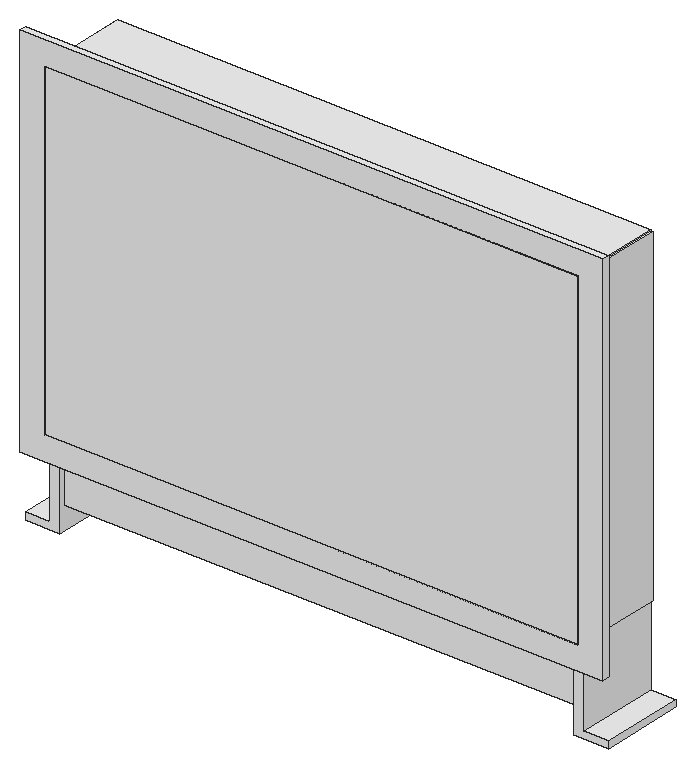
Revit family "1R553FPDB 1031IT_LOW FLOW", category Pipe Accessories, Revit 2018 (continued)
Definition of nested family "Inlet Regulator"
  Forms (mm)
    Revolve 11, solid
      sketch origin (0, -7.308, 22.393) x (0, 1, 0) y (0, 0, 1)
        loop
          line (21.577, -5.094) -> (21.577, -4.061) -> (22.318, -3.32) -> (21.605, -2.607) -> (22.332, -1.881) -> (21.605, -1.154) -> (22.318, -0.442) -> (21.605, 0.271) -> (22.318, 0.984) -> (21.605, 1.697) -> (22.318, 2.409) -> (21.605, 3.122) -> (22.318, 3.835) -> (21.605, 4.548) -> (22.318, 5.26) -> (21.605, 5.973) -> (22.318, 6.686) -> (21.591, 7.413) -> (21.591, 8.344) -> (20.654, 8.344) -> (20.654, -5.094) -> (21.577, -5.094)
        axis (7.317, 8.344) -> (7.317, -5.094)
      angle from 0 to 360
    Extrusion 12, solid
      sketch origin (0, 0.009, 99.643) x (0, 1, 0) y (-1, 0, 0)
        loop
          line (8.652, -15) -> (17.312, 0) -> (8.652, 15) -> (-8.669, 15) -> (-17.329, 0) -> (-8.669, -15) -> (8.652, -15)
        loop
          circle (-0.009, 0) r 14.53
      from -61.026 to -57.274
    Revolve 13, solid
      sketch origin (0, 0.009, 23.643) x (1, 0, 0) y (0, 0, 1)
        loop
          line (0, 14.757) -> (-14.591, 14.757)
          arc (-14.591, 14.757) -> (-14.177, 14.203) -> (-13.623, 13.789) r 2.42
          line (-13.623, 13.789) -> (-13.623, 7.845)
          arc (-13.623, 7.845) -> (-14.177, 7.43) -> (-14.591, 6.876) r 2.42
          line (-14.591, 6.876) -> (0, 6.876) -> (0, 14.757)
        axis (0, 14.757) -> (0, 6.876)
      angle from 0 to 360
    Revolve 14, solid
      sketch origin (0, 0, 0) x (1, 0, 0) y (0, 0, 1)
        loop
          line (0, 81.367) -> (0, 42.151) -> (16.5, 42.151) -> (16.5, 81.367) -> (0, 81.367)
        axis (0, 81.367) -> (0, 42.151)
      angle from 0 to 360
    Extrusion 15, solid
      sketch origin (2.094, -0.054, 23.867) x (-1, 0, 0) y (0, 0, 1)
        loop
          line (-14.869, 59.501) -> (-17.438, 59.501)
          spline (-17.438, 59.501) -> (-17.562, 59.497) -> (-17.675, 59.485) -> (-17.778, 59.464) -> (-17.87, 59.434) -> (-17.95, 59.397) -> (-18.021, 59.351) -> (-18.08, 59.297) -> (-18.128, 59.234) -> (-18.166, 59.163) -> (-18.193, 59.084) -> (-18.209, 58.996) -> (-18.215, 58.9)
          line (-18.215, 58.9) -> (-18.215, 58.097)
          spline (-18.215, 58.097) -> (-18.211, 58.002) -> (-18.199, 57.914) -> (-18.179, 57.836) -> (-18.15, 57.765) -> (-18.113, 57.703) -> (-18.067, 57.649) -> (-18.013, 57.604) -> (-17.951, 57.566) -> (-17.88, 57.537) -> (-17.801, 57.517) -> (-17.714, 57.504) -> (-17.618, 57.5)
          line (-17.618, 57.5) -> (-16.318, 57.5) -> (-14.062, 57.5) -> (-14.062, 58.708) -> (-14.869, 58.708) -> (-14.869, 59.501)
      from -1.116 to 1.224
    Extrusion 16, solid
      sketch origin (-2.196, 0, 23.867) x (1, 0, 0) y (0, 0, 1)
        loop
          line (-14.869, 59.501) -> (-17.438, 59.501)
          spline (-17.438, 59.501) -> (-17.562, 59.497) -> (-17.675, 59.485) -> (-17.778, 59.464) -> (-17.87, 59.434) -> (-17.95, 59.397) -> (-18.021, 59.351) -> (-18.08, 59.297) -> (-18.128, 59.234) -> (-18.166, 59.163) -> (-18.193, 59.084) -> (-18.209, 58.996) -> (-18.215, 58.9)
          line (-18.215, 58.9) -> (-18.215, 58.097)
          spline (-18.215, 58.097) -> (-18.211, 58.002) -> (-18.199, 57.914) -> (-18.179, 57.836) -> (-18.15, 57.765) -> (-18.113, 57.703) -> (-18.067, 57.649) -> (-18.013, 57.604) -> (-17.951, 57.566) -> (-17.88, 57.537) -> (-17.801, 57.517) -> (-17.714, 57.504) -> (-17.618, 57.5)
          line (-17.618, 57.5) -> (-16.318, 57.5) -> (-14.062, 57.5) -> (-14.062, 58.708) -> (-14.869, 58.708) -> (-14.869, 59.501)
      from -1.116 to 1.224
    Revolve 17, solid
      sketch origin (1.562, 0, -7.188) x (1, 0, 0) y (0, 0, -1)
        loop
          line (14.945, -68.947) -> (14.945, -85.784) -> (17.115, -87.955) -> (29.615, -87.955) -> (31.958, -85.612) -> (31.958, -68.947) -> (14.945, -68.947)
        axis (14.945, -68.947) -> (31.958, -68.947)
      angle from 0 to 360
  Cuts and joins
    Extrusion 4, Extrusion 5, Extrusion 6, Extrusion 7, Extrusion 8, Extrusion 9 cuts Revolve 1
  Dimensions and locks
    Revolve 2 to Revolve 11 = 114.089 mm
    equal spacing: cut or joined group of Revolve 1, Extrusion 4, Extrusion 5, Extrusion 6, Extrusion 7, Extrusion 8, Extrusion 9, plane 5, plane 4
    aligned and locked: level to plane 2
  Automatic sketch dimensions
    plane 1 "Center (Front/Back)" to Revolve 1 sketch curve = 17.048 mm
    Revolve 1 sketch curve to Revolve 1 sketch curve = 1.524 mm  (x2)
    Revolve 1 sketch curve to Revolve 1 sketch curve = 1.922 mm
    Revolve 1 sketch curve to plane 1 "Center (Front/Back)" = 0.009 mm  (x2)
    Revolve 1 sketch curve to plane 5 = 19.608 mm
    Revolve 1 sketch curve to Revolve 1 sketch curve = 9.082 mm
    Revolve 1 sketch curve to Revolve 1 sketch curve = 5.602 mm
    Revolve 1 sketch curve to Revolve 1 sketch curve = 1.247 mm
    Revolve 1 sketch curve to Revolve 1 sketch curve = 0 mm
    Revolve 1 sketch curve to Revolve 1 sketch curve = 1.386 mm
    plane 1 "Center (Front/Back)" to Revolve 2 sketch curve = 9.723 mm
    Revolve 2 sketch curve to Revolve 2 sketch curve = 0.5 mm  (x3)
    Revolve 2 sketch curve to Revolve 2 sketch curve = 0.198 mm
    Revolve 2 sketch curve to Revolve 2 sketch curve = 1.121 mm
    Revolve 2 sketch curve to Revolve 2 sketch curve = 1.35 mm
    Revolve 2 sketch curve to Revolve 2 sketch curve = 1.06 mm
    Revolve 2 sketch curve to Revolve 2 sketch curve = 0.183 mm
    plane 1 "Center (Front/Back)" to Revolve 2 sketch curve = 0.383 mm  (x2)
    Revolve 2 sketch curve to plane 5 = 34.379 mm
    Revolve 2 sketch curve to Revolve 2 sketch curve = 0.812 mm
    Revolve 2 sketch curve to Revolve 2 sketch curve = 30.709 mm
    Revolve 2 sketch curve to Revolve 2 sketch curve = 0.06 mm
    Revolve 2 sketch curve to Revolve 2 sketch curve = 2.169 mm
    Revolve 2 sketch curve to Revolve 2 sketch curve = 0.487 mm
    Revolve 2 sketch curve to Revolve 2 sketch curve = 1.061 mm
    Revolve 2 sketch curve to Revolve 2 sketch curve = 0.799 mm
    Revolve 2 sketch curve to Revolve 2 sketch curve = 1.883 mm
    Revolve 2 sketch curve to Revolve 2 sketch curve = 2.977 mm
    Extrusion 3 sketch curve to plane 3 "Center (Left/Right)" = 0 mm
    Extrusion 3 sketch curve to plane 1 "Center (Front/Back)" = 0.009 mm
    Extrusion 4 sketch curve to plane 3 "Center (Left/Right)" = 0.532 mm
    Extrusion 4 sketch curve to plane 1 "Center (Front/Back)" = 11.146 mm
    Extrusion 4 sketch curve to Extrusion 4 sketch curve = 7.245 mm
    plane 3 "Center (Left/Right)" to Extrusion 4 sketch curve = 0.506 mm
    plane 3 "Center (Left/Right)" to Extrusion 5 sketch curve = 0.532 mm
    plane 1 "Center (Front/Back)" to Extrusion 5 sketch curve = 11.129 mm
    Extrusion 5 sketch curve to Extrusion 5 sketch curve = 7.077 mm
    Extrusion 5 sketch curve to plane 3 "Center (Left/Right)" = 0.506 mm
    Extrusion 6 sketch curve to plane 1 "Center (Front/Back)" = 5.116 mm
    Extrusion 6 sketch curve to plane 3 "Center (Left/Right)" = 9.912 mm
    Extrusion 6 sketch curve to Extrusion 6 sketch curve = 7.677 mm
    Extrusion 6 sketch curve to Extrusion 6 sketch curve = 1.039 mm
    plane 1 "Center (Front/Back)" to Extrusion 7 sketch curve = 6.021 mm
    Extrusion 7 sketch curve to plane 3 "Center (Left/Right)" = 9.379 mm
    Extrusion 7 sketch curve to Extrusion 7 sketch curve = 7.486 mm
    Extrusion 7 sketch curve to Extrusion 7 sketch curve = 1.039 mm
    Extrusion 8 sketch curve to plane 1 "Center (Front/Back)" = 5.116 mm
    plane 3 "Center (Left/Right)" to Extrusion 8 sketch curve = 9.912 mm
    Extrusion 8 sketch curve to Extrusion 8 sketch curve = 6.525 mm
    Extrusion 8 sketch curve to Extrusion 8 sketch curve = 1.039 mm
    plane 1 "Center (Front/Back)" to Extrusion 9 sketch curve = 6.021 mm
    plane 3 "Center (Left/Right)" to Extrusion 9 sketch curve = 9.379 mm
    Extrusion 9 sketch curve to Extrusion 9 sketch curve = 8.734 mm
    Extrusion 9 sketch curve to Extrusion 9 sketch curve = 1.039 mm
    Extrusion 10 sketch curve to plane 3 "Center (Left/Right)" = 0 mm  (x3)
    plane 1 "Center (Front/Back)" to Extrusion 10 sketch curve = 14.425 mm
    plane 1 "Center (Front/Back)" to Extrusion 10 sketch curve = 7.208 mm  (x2)
    Extrusion 10 sketch curve to plane 1 "Center (Front/Back)" = 0.009 mm
    Extrusion 10 sketch curve to plane 1 "Center (Front/Back)" = 7.225 mm  (x2)
    Extrusion 10 sketch curve to Extrusion 10 sketch curve = 7.217 mm
    plane 3 "Center (Left/Right)" to Extrusion 10 sketch curve = 12.5 mm
    Extrusion 10 sketch curve to plane 3 "Center (Left/Right)" = 12.5 mm
    Revolve 11 sketch curve to plane 1 "Center (Front/Back)" = 13.346 mm
    Revolve 11 sketch curve to Revolve 11 sketch curve = 0.922 mm
    Revolve 11 sketch curve to Revolve 11 sketch curve = 0.937 mm
    Revolve 11 sketch curve to Revolve 11 sketch curve = 0.028 mm
    Revolve 11 sketch curve to Revolve 11 sketch curve = 0 mm  (x5)
    Revolve 11 sketch curve to Revolve 11 sketch curve = 0.014 mm
    Revolve 11 sketch curve to Revolve 11 sketch curve = 0.713 mm  (x7)
    Revolve 11 sketch curve to Revolve 11 sketch curve = 0.726 mm
    level to Revolve 11 sketch curve = 17.3 mm
    Revolve 11 sketch curve to Revolve 11 sketch curve = 1.032 mm
    Revolve 11 sketch curve to Revolve 11 sketch curve = 0.741 mm
    Revolve 11 sketch curve to Revolve 11 sketch curve = 0.931 mm
    Revolve 11 sketch curve to plane 1 "Center (Front/Back)" = 0.009 mm
    level to Revolve 11 sketch curve = 11.05 mm
    Revolve 11 sketch curve to plane 4 = 11.319 mm
    Extrusion 12 sketch curve to plane 3 "Center (Left/Right)" = 0 mm  (x3)
    plane 1 "Center (Front/Back)" to Extrusion 12 sketch curve = 0 mm
    plane 1 "Center (Front/Back)" to Extrusion 12 sketch curve = 8.66 mm  (x2)
    plane 1 "Center (Front/Back)" to Extrusion 12 sketch curve = 17.321 mm
    Extrusion 12 sketch curve to plane 1 "Center (Front/Back)" = 8.66 mm  (x2)
    Extrusion 12 sketch curve to Extrusion 12 sketch curve = 8.66 mm
    plane 3 "Center (Left/Right)" to Extrusion 12 sketch curve = 15 mm
    Extrusion 12 sketch curve to plane 3 "Center (Left/Right)" = 15 mm
    Revolve 13 sketch curve to plane 3 "Center (Left/Right)" = 0 mm  (x2)
    Revolve 13 sketch curve to plane 3 "Center (Left/Right)" = 12.466 mm
    Revolve 13 sketch curve to plane 4 = 2.594 mm
    Revolve 13 sketch curve to Revolve 13 sketch curve = 0 mm
    Revolve 13 sketch curve to Revolve 13 sketch curve = 1.157 mm
    Revolve 13 sketch curve to Revolve 13 sketch curve = 0.968 mm  (x2)
    Revolve 13 sketch curve to plane 4 = 3.751 mm
    Revolve 13 sketch curve to Revolve 13 sketch curve = 5.944 mm
    Revolve 13 sketch curve to Revolve 13 sketch curve = 7.881 mm
    Revolve 13 sketch curve to Revolve 13 sketch curve = 6.11 mm
    plane 4 to Revolve 13 sketch curve = 3.077 mm
    Revolve 14 sketch curve to plane 3 "Center (Left/Right)" = 0 mm  (x2)
    Revolve 14 sketch curve to plane 4 = 0 mm
    plane 3 "Center (Left/Right)" to Revolve 14 sketch curve = 16.5 mm
    Revolve 14 sketch curve to plane 5 = 19.608 mm
    Revolve 14 sketch curve to Revolve 14 sketch curve = 18.992 mm
    Revolve 14 sketch curve to Revolve 14 sketch curve = 22.888 mm
    plane 3 "Center (Left/Right)" to Extrusion 15 sketch curve = 20.309 mm
    Extrusion 15 sketch curve to Extrusion 15 sketch curve = 0.597 mm  (x2)
    Extrusion 15 sketch curve to Extrusion 15 sketch curve = 0.776 mm
    Extrusion 15 sketch curve to Extrusion 15 sketch curve = 1.299 mm
    Extrusion 15 sketch curve to Extrusion 15 sketch curve = 1.449 mm
    Extrusion 15 sketch curve to Extrusion 15 sketch curve = 0.807 mm
    Extrusion 15 sketch curve to plane 5 = 19.608 mm
    Extrusion 15 sketch curve to Extrusion 15 sketch curve = 1.208 mm
    Extrusion 15 sketch curve to Extrusion 15 sketch curve = 0.803 mm
    Extrusion 15 sketch curve to Extrusion 15 sketch curve = 0.601 mm
    Extrusion 16 sketch curve to plane 3 "Center (Left/Right)" = 20.411 mm
    Extrusion 16 sketch curve to Extrusion 16 sketch curve = 0.597 mm  (x2)
    Extrusion 16 sketch curve to Extrusion 16 sketch curve = 0.776 mm
    Extrusion 16 sketch curve to Extrusion 16 sketch curve = 1.299 mm
    Extrusion 16 sketch curve to Extrusion 16 sketch curve = 1.449 mm
    Extrusion 16 sketch curve to Extrusion 16 sketch curve = 0.807 mm
    Extrusion 16 sketch curve to plane 5 = 19.608 mm
    Extrusion 16 sketch curve to Extrusion 16 sketch curve = 1.208 mm
    Extrusion 16 sketch curve to Extrusion 16 sketch curve = 0.803 mm
    Extrusion 16 sketch curve to Extrusion 16 sketch curve = 0.601 mm
    Revolve 17 sketch curve to plane 5 = 0 mm  (x2)
    plane 3 "Center (Left/Right)" to Revolve 17 sketch curve = 16.507 mm
    Revolve 17 sketch curve to Revolve 17 sketch curve = 2.17 mm  (x2)
    Revolve 17 sketch curve to Revolve 17 sketch curve = 12.5 mm
    Revolve 17 sketch curve to Revolve 17 sketch curve = 2.343 mm
    Revolve 17 sketch curve to plane 5 = 16.665 mm
    Revolve 17 sketch curve to Revolve 17 sketch curve = 16.838 mm
    plane 3 "Center (Left/Right)" to Revolve 17 sketch curve = 1.563 mm
    Revolve 17 sketch curve to Revolve 17 sketch curve = 33.042 mm
    radius of Extrusion 3 sketch curve = 1.156 mm
    radius of Extrusion 10 sketch curve = 11.904 mm
    radius of Extrusion 12 sketch curve = 14.53 mm
Definition of nested family "METAL FRAME"
  Parameters (values of type "METAL FRAME")
    S1 [instance] = 37 mm
    L1 [instance] = 670 mm
    H2 [instance] = 492 mm
    H1 [instance] = 562 mm
  Reference planes
    plane 1 "Center (Front/Back)": y = -35
    plane 2: z = 0
    plane 3 "Center (Left/Right)": x = 0
    plane 4: x = -298
    plane 5: x = 298
    plane 6: z = 562
    plane 7: x = 335
    plane 8: x = -335
    plane 9: z = 527
    plane 10: z = 35
    plane 11: y = -35
    plane 12: z = 281
    plane 13: z = 384
    plane 14: z = 176
    plane 15: y = 90
  Forms (mm)
    Extrusion 1, solid
      sketch origin (0, -35, 0) x (1, 0, 0) y (0, 0, 1)
        loop
          line (-283, 35) -> (-283, -60) -> (283, -60) -> (283, 35) -> (-283, 35)
      from -125 to -7.029
    Extrusion 2, solid
      sketch origin (0, -35, 0) x (1, 0, 0) y (0, 0, 1)
        loop
          line (-298, 35) -> (-298, -85) -> (-335, -85) -> (-335, -95) -> (-283, -95) -> (-283, 35) -> (-298, 35)
        loop
          line (298, 35) -> (283, 35) -> (283, -95) -> (335, -95) -> (335, -85) -> (298, -85) -> (298, 35)
      from -125 to 0
    Extrusion 3, solid
      sketch origin (0, 0, 0) x (0, 1, 0) y (0, 0, 1)
        loop
          line (87.172, 527) -> (87.172, 35) -> (90, 35) -> (90, 527) -> (87.172, 527)
      from -298 to 298
    Extrusion 4, solid
      sketch origin (0, -35, 0) x (1, 0, 0) y (0, 0, 1)
        loop
          line (-335, 562) -> (-335, 0) -> (335, 0) -> (335, 562) -> (-335, 562)
        loop
          line (-298, 35) -> (298, 35) -> (298, 527) -> (-298, 527) -> (-298, 35)
      from 0 to 10
    Extrusion 5, solid
      sketch origin (0, 0, 0) x (0, 1, 0) y (0, 0, 1)
        loop
          line (-35, 527) -> (-35, 35) -> (90, 35) -> (90, 527) -> (-35, 527)
      from 298 to 300.354
    Extrusion 6, solid
      sketch origin (0, 0, 0) x (0, 1, 0) y (0, 0, -1)
        loop
          line (-35, -527) -> (90, -527) -> (90, -35) -> (-35, -35) -> (-35, -527)
      from 298 to 300.354
    Extrusion 7, solid
      sketch origin (0, 0, 0) x (1, 0, 0) y (0, 1, 0)
        loop
          line (-298, 90) -> (-298, -35) -> (298, -35) -> (298, 90) -> (-298, 90)
      from 527 to 529.02
    Extrusion 8, void
      sketch origin (0, 0, 0) x (0, 1, 0) y (0, 0, 1)
        loop
          line (87.172, 423.968) -> (-33.134, 423.968) -> (-33.134, 344.032) -> (87.172, 344.032) -> (87.172, 423.968)
        loop
          line (87.172, 216) -> (-33.134, 216) -> (-33.134, 136) -> (87.172, 136) -> (87.172, 216)
      from -298 to -521.401
  Cuts and joins
    Extrusion 8 cuts Extrusion 3
    Extrusion 8 cuts Extrusion 5
    Extrusion 8 cuts Extrusion 6
    Extrusion 8 cuts Extrusion 7
    joined: Extrusion 3, Extrusion 5, Extrusion 6, Extrusion 7
  Dimensions and locks
    "H1": plane 6 to plane 2
    "S1": plane 7 to plane 5
    "S1": plane 4 to plane 8
    "L1": plane 7 to plane 8
    plane 7 to plane 8 = 670 mm
    equal spacing: plane 7, plane 3 "Center (Left/Right)", plane 8
    level to Extrusion 4 sketch curve = 0 mm
    plane 1 "Center (Front/Back)" to Extrusion 3 = 125 mm
    plane 1 "Center (Front/Back)" to plane 15 = 125 mm
    plane 6 to plane 2 = 562 mm
    "H2": plane 9 to plane 10
    locked: Extrusion 5 to Extrusion 5 at 2.354
    locked: Extrusion 6 to Extrusion 6 at 2.354  (x2)
    Extrusion 2 to Extrusion 2 = 15 mm  (x2)
    equal spacing: Extrusion 8 sketch curve, plane 13, Extrusion 8 sketch curve  (x2)
    Extrusion 8 sketch curve to Extrusion 8 sketch curve = 79.935 mm
    equal spacing: Extrusion 8 sketch curve, plane 14, Extrusion 8 sketch curve  (x2)
    aligned and locked: level to plane 2
    aligned and locked: plane 8 to Extrusion 4 sketch curve
    aligned and locked: Extrusion 3 sketch curve to plane 9
    aligned and locked: plane 10 to Extrusion 3 sketch curve
    aligned and locked: Extrusion 2 to Extrusion 1  (x2)
    aligned and locked: Extrusion 4 sketch curve to plane 6
    aligned and locked: Extrusion 4 sketch curve to plane 7
    aligned and locked: Extrusion 4 sketch curve to plane 10
    aligned and locked: plane 5 to Extrusion 3
    aligned and locked: plane 10 to Extrusion 2
    aligned and locked: plane 10 to Extrusion 5 sketch curve
    aligned and locked: Extrusion 5 sketch curve to plane 1 "Center (Front/Back)"
    aligned and locked: plane 15 to Extrusion 5 sketch curve
    aligned and locked: Extrusion 5 sketch curve to plane 9
    aligned and locked: Extrusion 4 to Extrusion 7 sketch curve
    aligned and locked: Extrusion 7 sketch curve to plane 5
    aligned and locked: plane 15 to Extrusion 7 sketch curve
    aligned and locked: plane 4 to Extrusion 7 sketch curve
    aligned and locked: Extrusion 7 to plane 9
    aligned and locked: cut or joined group of Extrusion 3, Extrusion 5, Extrusion 6, Extrusion 7, Extrusion 8 to cut or joined group of Extrusion 3, Extrusion 5, Extrusion 6, Extrusion 7, Extrusion 8
    aligned and locked: Extrusion 2 to cut or joined group of Extrusion 3, Extrusion 5, Extrusion 6, Extrusion 7, Extrusion 8
    aligned and locked: plane 4 to cut or joined group of Extrusion 3, Extrusion 5, Extrusion 6, Extrusion 7, Extrusion 8
    aligned and locked: cut or joined group of Extrusion 3, Extrusion 5, Extrusion 6, Extrusion 7, Extrusion 8 to plane 5
    aligned and locked: cut or joined group of Extrusion 3, Extrusion 5, Extrusion 6, Extrusion 7, Extrusion 8 to Extrusion 8 sketch curve  (x2)
    aligned and locked: plane 4 to Extrusion 8
    aligned and locked: Extrusion 1 to Extrusion 2  (x2)
    aligned and locked: plane 1 "Center (Front/Back)" to plane 11
  Automatic sketch dimensions
    plane 4 to Extrusion 1 sketch curve = 15 mm
    Extrusion 1 sketch curve to plane 5 = 15 mm
    Extrusion 1 sketch curve to plane 10 = 0 mm
    Extrusion 1 sketch curve to level = 60 mm
    Extrusion 2 sketch curve to plane 8 = 0 mm
    Extrusion 2 sketch curve to plane 10 = 0 mm  (x2)
    plane 4 to Extrusion 2 sketch curve = 15 mm
    Extrusion 2 sketch curve to plane 5 = 15 mm
    Extrusion 2 sketch curve to plane 7 = 0 mm
    Extrusion 2 sketch curve to plane 4 = 0 mm
    Extrusion 2 sketch curve to Extrusion 2 sketch curve = 15 mm
    Extrusion 2 sketch curve to level = 85 mm  (x2)
    Extrusion 2 sketch curve to Extrusion 2 sketch curve = 10 mm  (x2)
    Extrusion 3 sketch curve to plane 15 = 0 mm
    Extrusion 3 sketch curve to Extrusion 3 sketch curve = 2.828 mm
    Extrusion 4 sketch curve to plane 4 = 0 mm
    Extrusion 4 sketch curve to plane 5 = 0 mm
    Extrusion 4 sketch curve to plane 9 = 0 mm
    Extrusion 6 sketch curve to plane 1 "Center (Front/Back)" = 0 mm
    Extrusion 6 sketch curve to plane 10 = 0 mm
    Extrusion 6 sketch curve to plane 15 = 0 mm
    Extrusion 6 sketch curve to plane 9 = 0 mm
    Extrusion 8 sketch curve to plane 14 = 40 mm
    Extrusion 8 sketch curve to plane 1 "Center (Front/Back)" = 1.866 mm  (x2)
Definition of nested family "cold water ball valve"
  Parameters (values of type "cold water ball valve")
    Cold water Valve [instance] = yes
  Reference planes
    plane 1 "Center (Front/Back)": y = 0
    plane 2: z = 0
    plane 3 "Center (Left/Right)": x = 0
    plane 4: x = 105
    plane 5: z = 25
    plane 6: z = 25.625
    plane 7: y = -21.571
    plane 8: y = -26.943
    plane 9: y = -36.345
    plane 10 "MODEL TEXT": x = -25.219
    plane 11: x = -24
    plane 12: y = -62.876
  Forms (mm)
    Extrusion 1, solid, visible <- "Cold water Valve"
      sketch origin (0, 0, 20) x (1, 0, 0) y (0, 0, 1)
        loop
          line (20, 13.284) -> (8.284, 25) -> (-8.284, 25) -> (-20, 13.284) -> (-20, -3.284) -> (-8.284, -15) -> (8.284, -15) -> (20, -3.284) -> (20, 13.284)
        loop
          circle (0, 5) r 12.7
      from 0 to 13.355
    Extrusion 2, solid, visible <- "Cold water Valve"
      sketch origin (0, 0, 0.625) x (1, 0, 0) y (0, 0, 1)
        loop
          line (24, 34.941) -> (9.941, 49) -> (-9.941, 49) -> (-24, 34.941) -> (-24, 15.059) -> (-8.316, -0.625) -> (8.316, -0.625) -> (24, 15.059) -> (24, 34.941)
        loop
          circle (0, 25) r 21
      from 77.779 to 89.014
    Revolve 3, solid, visible <- "Cold water Valve"
      sketch origin (0, 0, 0) x (0, 1, 0) y (0, 0, 1)
        loop
          line (-13.355, 25) -> (-13.355, 45)
          arc (-13.355, 45) -> (-14.669, 46.315) -> (-16.465, 46.796) r 3.592
          line (-16.465, 46.796) -> (-17.701, 46.796)
          arc (-17.701, 46.796) -> (-19.285, 46.408) -> (-20.51, 45.333) r 3.428
          line (-20.51, 45.333) -> (-42.991, 45.333) -> (-44.663, 43.661) -> (-74.663, 43.661) -> (-77.779, 46.777) -> (-77.779, 25) -> (-13.355, 25)
        axis (-13.355, 25) -> (-77.779, 25)
      angle from 0 to 360
    Blend 4, solid, visible <- "Cold water Valve"
      base sketch origin (23.223, -1.25, 27.657) x (0, 0, 1) y (0, 1, 0)
        loop
          line (4.062, -5) -> (0, -5) -> (-4.063, -5) -> (-4.062, -20)
          arc (-4.062, -20) -> (-11.941, -30.394) -> (-4.062, -40.789) r 10.796
          line (-4.062, -40.789) -> (-4.062, -55.789) -> (0, -55.789) -> (4.062, -55.789) -> (4.062, -40.789)
          arc (4.062, -40.789) -> (11.65, -30.394) -> (4.062, -20) r 10.913
          line (4.062, -20) -> (4.062, -5)
      top sketch origin (23.223, -1.25, 27.657) x (0, 0, 1) y (0, 1, 0)
        loop
          line (3.606, -5) -> (0, -5) -> (-3.606, -5) -> (-3.606, -20.51)
          arc (-3.606, -20.51) -> (-11.088, -30.188) -> (-3.606, -39.866) r 10
          line (-3.606, -39.866) -> (-3.606, -55.789) -> (0, -55.789) -> (3.606, -55.789) -> (3.606, -39.789)
          arc (3.606, -39.789) -> (10.87, -30.15) -> (3.606, -20.51) r 10.027
          line (3.606, -20.51) -> (3.606, -5)
      from 59.828 to 68.223
    Revolve 5, solid
      sketch origin (-0.219, -2.206, 0) x (0, 0, -1) y (0, -1, 0)
        loop
          line (-94.932, 60.703) -> (-94.932, 41.958) -> (-88.701, 41.958) -> (-88.701, 39.55) -> (-78.701, 39.55) -> (-78.701, 41.958) -> (-59.725, 41.958)
          arc (-59.725, 41.958) -> (-58.974, 42.269) -> (-58.663, 43.02) r 1.062
          line (-58.663, 43.02) -> (-58.663, 49.438) -> (-50.697, 49.438) -> (-50, 48.742) -> (9.375, 48.742) -> (9.375, 49.772) -> (11.451, 49.772) -> (11.451, 48.708) -> (14.373, 48.708)
          arc (14.373, 48.708) -> (15.482, 50.223) -> (16.346, 51.89) r 12.184
          line (16.346, 51.89) -> (25.561, 51.89) -> (48.681, 51.89)
          arc (48.681, 51.89) -> (49.349, 50.551) -> (50.175, 49.304) r 12.184
          line (50.175, 49.304) -> (54.16, 49.304) -> (54.872, 50.015) -> (54.872, 51.956) -> (55.898, 52.982) -> (55.898, 52.075) -> (56.943, 53.12) -> (56.943, 52.123) -> (57.986, 53.166) -> (57.986, 52.123) -> (59.052, 53.189) -> (59.052, 52.217) -> (60.177, 53.342) -> (60.177, 52.407) -> (61.106, 53.336) -> (61.106, 52.478) -> (61.943, 53.315) -> (61.943, 60.703) -> (-94.932, 60.703)
        axis (-94.932, 60.703) -> (61.943, 60.703)
      angle from 0 to 360
    Extrusion 6, void
      sketch origin (0, 0, 0) x (0, 1, 0) y (0, 0, 1)
        loop
          line (-63.914, 58.663) -> (-61.839, 58.663) -> (-61.839, 64.72)
          arc (-61.839, 64.72) -> (-62.876, 65.758) -> (-63.914, 64.72) r 1.037
          line (-63.914, 64.72) -> (-63.914, 58.663)
      from 17.105 to 20
    Extrusion 7, void
      sketch origin (0, 0, 0) x (0, 1, 0) y (0, 0, -1)
        loop
          line (-63.914, -58.663) -> (-63.914, -64.72)
          arc (-63.914, -64.72) -> (-62.876, -65.758) -> (-61.839, -64.72) r 1.037
          line (-61.839, -64.72) -> (-61.839, -58.663) -> (-63.914, -58.663)
      from 17.105 to 20
    Extrusion 8, void
      sketch origin (-62.876, -62.876, 0) x (-1, 0, 0) y (0, 0, 1)
        loop
          line (-63.914, 58.663) -> (-61.839, 58.663) -> (-61.839, 64.72)
          arc (-61.839, 64.72) -> (-62.876, 65.758) -> (-63.914, 64.72) r 1.037
          line (-63.914, 64.72) -> (-63.914, 58.663)
      from 17.105 to 20
    Extrusion 9, void
      sketch origin (-45.229, -106.554, 0) x (-0.71934, -0.694658, 0) y (0, 0, -1)
        loop
          line (-63.914, -58.663) -> (-63.914, -64.72)
          arc (-63.914, -64.72) -> (-62.876, -65.758) -> (-61.839, -64.72) r 1.037
          line (-61.839, -64.72) -> (-61.839, -58.663) -> (-63.914, -58.663)
      from 17.105 to 20
    Extrusion 10, void
      sketch origin (-45.229, -19.199, 0) x (-0.71934, 0.694658, 0) y (0, 0, 1)
        loop
          line (-63.914, 58.663) -> (-61.839, 58.663) -> (-61.839, 64.72)
          arc (-61.839, 64.72) -> (-62.876, 65.758) -> (-63.914, 64.72) r 1.037
          line (-63.914, 64.72) -> (-63.914, 58.663)
      from 17.105 to 20
    Extrusion 11, void
      sketch origin (45.229, -106.554, 0) x (0.71934, -0.694658, 0) y (0, 0, 1)
        loop
          line (-63.914, 58.663) -> (-61.839, 58.663) -> (-61.839, 64.72)
          arc (-61.839, 64.72) -> (-62.876, 65.758) -> (-63.914, 64.72) r 1.037
          line (-63.914, 64.72) -> (-63.914, 58.663)
      from 17.105 to 20
    Extrusion 12, void
      sketch origin (45.229, -19.199, 0) x (0.71934, 0.694658, 0) y (0, 0, -1)
        loop
          line (-63.914, -58.663) -> (-63.914, -64.72)
          arc (-63.914, -64.72) -> (-62.876, -65.758) -> (-61.839, -64.72) r 1.037
          line (-61.839, -64.72) -> (-61.839, -58.663) -> (-63.914, -58.663)
      from 17.105 to 20
    Extrusion 13, void
      sketch origin (-62.876, -62.876, 0) x (-1, 0, 0) y (0, 0, -1)
        loop
          line (-63.914, -58.663) -> (-63.914, -64.72)
          arc (-63.914, -64.72) -> (-62.876, -65.758) -> (-61.839, -64.72) r 1.037
          line (-61.839, -64.72) -> (-61.839, -58.663) -> (-63.914, -58.663)
      from 17.105 to 20
    Revolve 14, solid, visible <- "Cold water Valve"
      sketch origin (0, -32.435, 0) x (1, 0, 0) y (0, 0, 1)
        loop
          line (-21.513, 47.516) -> (-0.291, 39.792) -> (2.61, 47.763) -> (-18.612, 55.487) -> (-21.513, 47.516)
        axis (-0.291, 39.792) -> (-21.513, 47.516)
      angle from 0 to 360
    Extrusion 15, solid
      sketch origin (-25.219, 0, 0) x (0, 0, -1) y (0, -1, 0)
        loop
          circle (-27.689, 31.109) r 5
      from -8.352 to 11.386
    Revolve 16, solid
      sketch origin (0, -62.5, -16.719) x (-1, 0, 0) y (0, 0, -1)
        loop
          line (5.794, 15.605) -> (5.794, 7.562) -> (15.464, 7.562)
          arc (15.464, 7.562) -> (15.667, 7.07) -> (16.159, 6.866) r 0.695
          line (16.159, 6.866) -> (23.251, 6.866)
          arc (23.251, 6.866) -> (23.77, 7.081) -> (23.985, 7.6) r 0.734
          line (23.985, 7.6) -> (23.985, 15.605) -> (5.794, 15.605)
        axis (5.794, 15.605) -> (23.985, 15.605)
      angle from 0 to 360
    Extrusion 17, solid
      sketch origin (0, 0, -16.875) x (0, 1, 0) y (0, 0, -1)
        loop
          circle (-62.564, 15.559) r 6.523
        loop
          circle (-62.564, 15.559) r 5.795
      from 21.524 to 24.055
    Revolve 18, solid
      sketch origin (-0.219, 0, 0.787) x (0, 0, -1) y (0, -1, 0)
        loop
          line (-91.675, 81.654) -> (-85.876, 81.654) -> (-85.876, 96.855) -> (-89.93, 96.855) -> (-90.611, 96.175) -> (-90.611, 94.457) -> (-93.194, 94.457)
          arc (-93.194, 94.457) -> (-93.866, 94.179) -> (-94.144, 93.507) r 0.95
          line (-94.144, 93.507) -> (-94.144, 90.104) -> (-92.373, 90.104) -> (-92.373, 89.241) -> (-93.253, 89.241)
          arc (-93.253, 89.241) -> (-93.883, 88.98) -> (-94.144, 88.35) r 0.891
          line (-94.144, 88.35) -> (-94.144, 87.546)
          arc (-94.144, 87.546) -> (-93.883, 86.915) -> (-93.253, 86.654) r 0.891
          line (-93.253, 86.654) -> (-91.675, 86.654) -> (-91.675, 81.654)
        axis (-85.876, 81.654) -> (-85.876, 96.855)
      angle from 0 to 360
  Cuts and joins
    Extrusion 6, Extrusion 7, Extrusion 8, Extrusion 9, Extrusion 10, Extrusion 11, Extrusion 12, Extrusion 13 cuts Revolve 5
    joined: Revolve 5, Revolve 16, Revolve 18
    joined: Extrusion 2, Revolve 14
  Dimensions and locks
    aligned and locked: level to plane 2
  Nested families
    nested 1: "valve Dial" at (-11.875, 46.875, 24.869), type "valve Dial"
  Definition of nested family "valve Dial"
    Reference planes
      plane 1 "Center (Front/Back)": y = 0
      plane 2: z = 0
      plane 3 "Center (Left/Right)": x = 0
      plane 4: y = 66
      plane 5: y = -105
      plane 6: y = -65.734
      plane 7: y = -79.31
      plane 8: y = -20.321
      plane 9: y = -43.117
      plane 10: y = -33.832
      plane 11: y = -70.378
      plane 12: y = -88.243
      plane 13: through (-2.703, 0, 45.265) normal (-0.9397, 0, 0.342)
    Forms (mm)
      Extrusion 1, solid
        sketch origin (4.797, 0, -7.865) x (0, 1, 0) y (0.34202, 0, 0.939693)
          loop
            circle (-79.31, 25) r 16
          loop
            circle (-79.31, 25) r 17
        from -30.806 to -25.219
      Extrusion 2, solid
        sketch origin (4.797, 0, -7.865) x (0, 1, 0) y (0.34202, 0, 0.939693)
          loop
            circle (-79.31, 25) r 16
        from -25.219 to -24
      Extrusion 3, solid
        sketch origin (4.797, 0, -7.865) x (0, 1, 0) y (0.34202, 0, 0.939693)
          loop
            line (-70.623, 33.687) -> (-79.31, 25.988)
            arc (-79.31, 25.988) -> (-80.298, 25) -> (-79.31, 24.012) r 0.988
            arc (-79.31, 24.012) -> (-78.612, 24.301) -> (-78.323, 25) r 0.988
            line (-78.323, 25) -> (-70.623, 33.687)
        from -27.141 to -26.02
      Extrusion 4, solid
        sketch origin (-18.901, 0, 0.761) x (-0.34202, 0, -0.939693) y (0, -1, 0)
          loop
            circle (-24.897, 79.31) r 15.901
        from 3.812 to 5.586
    Lines and regions (mm)
      model lines
        curve 1: arc (-13.369, -69.937, 15.96) -> (-5.549, -79.31, 37.447) -> (-13.369, -88.684, 15.96) r 13.354
        curve 2: arc (-13.219, -70.378, 16.374) -> (-5.773, -79.31, 36.831) -> (-13.219, -88.243, 16.374) r 12.718
        curve 3: line (-12.979, -71.08, 17.034) -> (-13.219, -70.378, 16.374)
        curve 4: line (-13.058, -87.773, 16.816) -> (-13.219, -88.243, 16.374)
        curve 5: line (-13.369, -69.937, 15.96) -> (-13.526, -69.479, 15.529)
        curve 6: line (-10.091, -65.111, 24.967) -> (-10.091, -65.956, 24.967)
        curve 7: line (-6.598, -69.28, 34.564) -> (-6.858, -69.953, 33.851)
        curve 8: line (-5.372, -79.31, 37.934) -> (-5.549, -79.31, 37.447)
        curve 9: line (-7.34, -87.327, 32.525) -> (-7.027, -88.243, 33.387)
        curve 10: line (-6.869, -88.703, 33.819) -> (-6.594, -89.508, 34.575)
        curve 11: line (-10.088, -91.058, 24.977) -> (-10.088, -92.028, 24.977)
        curve 12: line (-10.088, -92.664, 24.977) -> (-10.088, -93.719, 24.977)
        curve 13: line (-7.024, -70.385, 33.393) -> (-7.252, -70.974, 32.768)
        curve 14: line (-10.091, -66.593, 24.967) -> (-10.091, -67.243, 24.967)
        curve 15: line (-5.773, -79.31, 36.831) -> (-6.141, -79.31, 35.82)
        curve 16: line (-13.369, -88.684, 15.96) -> (-13.511, -89.099, 15.57)
    Dimensions and locks
      plane 1 "Center (Front/Back)" to plane 4 = 66 mm
      aligned and locked: level to plane 2
Definition of nested family "Hot water ball valve"
  Parameters (values of type "Hot Water ball valve")
    Cold water Valve [instance] = yes
  Reference planes
    plane 1 "Center (Front/Back)": y = 0
    plane 2: z = 0
    plane 3 "Center (Left/Right)": x = 0
    plane 4: x = 105
    plane 5: z = 25
    plane 6: z = 25.625
    plane 7: y = -21.571
    plane 8: y = -26.943
    plane 9: y = -36.345
    plane 10 "MODEL TEXT": x = -25.219
    plane 11: x = -24
    plane 12: y = -62.876
  Forms (mm)
    Extrusion 1, solid, visible <- "Cold water Valve"
      sketch origin (0, 0, 20) x (1, 0, 0) y (0, 0, 1)
        loop
          line (20, 13.284) -> (8.284, 25) -> (-8.284, 25) -> (-20, 13.284) -> (-20, -3.284) -> (-8.284, -15) -> (8.284, -15) -> (20, -3.284) -> (20, 13.284)
        loop
          circle (0, 5) r 12.7
      from 0 to 13.355
    Extrusion 2, solid, visible <- "Cold water Valve"
      sketch origin (0, 0, 0.625) x (1, 0, 0) y (0, 0, 1)
        loop
          line (24, 34.941) -> (9.941, 49) -> (-9.941, 49) -> (-24, 34.941) -> (-24, 15.059) -> (-8.316, -0.625) -> (8.316, -0.625) -> (24, 15.059) -> (24, 34.941)
        loop
          circle (0, 25) r 21
      from 77.779 to 89.014
    Revolve 3, solid, visible <- "Cold water Valve"
      sketch origin (0, 0, 0) x (0, 1, 0) y (0, 0, 1)
        loop
          line (-13.355, 25) -> (-13.355, 45)
          arc (-13.355, 45) -> (-14.669, 46.315) -> (-16.465, 46.796) r 3.592
          line (-16.465, 46.796) -> (-17.701, 46.796)
          arc (-17.701, 46.796) -> (-19.285, 46.408) -> (-20.51, 45.333) r 3.428
          line (-20.51, 45.333) -> (-42.991, 45.333) -> (-44.663, 43.661) -> (-74.663, 43.661) -> (-77.779, 46.777) -> (-77.779, 25) -> (-13.355, 25)
        axis (-13.355, 25) -> (-77.779, 25)
      angle from 0 to 360
    Blend 4, solid, visible <- "Cold water Valve"
      base sketch origin (23.223, -1.25, 27.657) x (0, 0, 1) y (0, 1, 0)
        loop
          line (4.062, -5) -> (0, -5) -> (-4.063, -5) -> (-4.062, -20)
          arc (-4.062, -20) -> (-11.941, -30.394) -> (-4.062, -40.789) r 10.796
          line (-4.062, -40.789) -> (-4.062, -55.789) -> (0, -55.789) -> (4.062, -55.789) -> (4.062, -40.789)
          arc (4.062, -40.789) -> (11.65, -30.394) -> (4.062, -20) r 10.913
          line (4.062, -20) -> (4.062, -5)
      top sketch origin (23.223, -1.25, 27.657) x (0, 0, 1) y (0, 1, 0)
        loop
          line (3.606, -5) -> (0, -5) -> (-3.606, -5) -> (-3.606, -20.51)
          arc (-3.606, -20.51) -> (-11.088, -30.188) -> (-3.606, -39.866) r 10
          line (-3.606, -39.866) -> (-3.606, -55.789) -> (0, -55.789) -> (3.606, -55.789) -> (3.606, -39.789)
          arc (3.606, -39.789) -> (10.87, -30.15) -> (3.606, -20.51) r 10.027
          line (3.606, -20.51) -> (3.606, -5)
      from 59.828 to 68.223
    Revolve 5, solid
      sketch origin (-0.219, -2.206, 0) x (0, 0, -1) y (0, -1, 0)
        loop
          line (-94.932, 60.703) -> (-94.932, 41.958) -> (-88.701, 41.958) -> (-88.701, 39.55) -> (-78.701, 39.55) -> (-78.701, 41.958) -> (-59.725, 41.958)
          arc (-59.725, 41.958) -> (-58.974, 42.269) -> (-58.663, 43.02) r 1.062
          line (-58.663, 43.02) -> (-58.663, 49.438) -> (-50.697, 49.438) -> (-50, 48.742) -> (9.375, 48.742) -> (9.375, 49.772) -> (11.451, 49.772) -> (11.451, 48.708) -> (14.373, 48.708)
          arc (14.373, 48.708) -> (15.482, 50.223) -> (16.346, 51.89) r 12.184
          line (16.346, 51.89) -> (25.561, 51.89) -> (48.681, 51.89)
          arc (48.681, 51.89) -> (49.349, 50.551) -> (50.175, 49.304) r 12.184
          line (50.175, 49.304) -> (54.16, 49.304) -> (54.872, 50.015) -> (54.872, 51.956) -> (55.898, 52.982) -> (55.898, 52.075) -> (56.943, 53.12) -> (56.943, 52.123) -> (57.986, 53.166) -> (57.986, 52.123) -> (59.052, 53.189) -> (59.052, 52.217) -> (60.177, 53.342) -> (60.177, 52.407) -> (61.106, 53.336) -> (61.106, 52.478) -> (61.943, 53.315) -> (61.943, 60.703) -> (-94.932, 60.703)
        axis (-94.932, 60.703) -> (61.943, 60.703)
      angle from 0 to 360
    Extrusion 6, void
      sketch origin (0, 0, 0) x (0, 1, 0) y (0, 0, 1)
        loop
          line (-63.914, 58.663) -> (-61.839, 58.663) -> (-61.839, 64.72)
          arc (-61.839, 64.72) -> (-62.876, 65.758) -> (-63.914, 64.72) r 1.037
          line (-63.914, 64.72) -> (-63.914, 58.663)
      from 17.105 to 20
    Extrusion 7, void
      sketch origin (0, 0, 0) x (0, 1, 0) y (0, 0, -1)
        loop
          line (-63.914, -58.663) -> (-63.914, -64.72)
          arc (-63.914, -64.72) -> (-62.876, -65.758) -> (-61.839, -64.72) r 1.037
          line (-61.839, -64.72) -> (-61.839, -58.663) -> (-63.914, -58.663)
      from 17.105 to 20
    Extrusion 8, void
      sketch origin (-62.876, -62.876, 0) x (-1, 0, 0) y (0, 0, 1)
        loop
          line (-63.914, 58.663) -> (-61.839, 58.663) -> (-61.839, 64.72)
          arc (-61.839, 64.72) -> (-62.876, 65.758) -> (-63.914, 64.72) r 1.037
          line (-63.914, 64.72) -> (-63.914, 58.663)
      from 17.105 to 20
    Extrusion 9, void
      sketch origin (-45.229, -106.554, 0) x (-0.71934, -0.694658, 0) y (0, 0, -1)
        loop
          line (-63.914, -58.663) -> (-63.914, -64.72)
          arc (-63.914, -64.72) -> (-62.876, -65.758) -> (-61.839, -64.72) r 1.037
          line (-61.839, -64.72) -> (-61.839, -58.663) -> (-63.914, -58.663)
      from 17.105 to 20
    Extrusion 10, void
      sketch origin (-45.229, -19.199, 0) x (-0.71934, 0.694658, 0) y (0, 0, 1)
        loop
          line (-63.914, 58.663) -> (-61.839, 58.663) -> (-61.839, 64.72)
          arc (-61.839, 64.72) -> (-62.876, 65.758) -> (-63.914, 64.72) r 1.037
          line (-63.914, 64.72) -> (-63.914, 58.663)
      from 17.105 to 20
    Extrusion 11, void
      sketch origin (45.229, -106.554, 0) x (0.71934, -0.694658, 0) y (0, 0, 1)
        loop
          line (-63.914, 58.663) -> (-61.839, 58.663) -> (-61.839, 64.72)
          arc (-61.839, 64.72) -> (-62.876, 65.758) -> (-63.914, 64.72) r 1.037
          line (-63.914, 64.72) -> (-63.914, 58.663)
      from 17.105 to 20
    Extrusion 12, void
      sketch origin (45.229, -19.199, 0) x (0.71934, 0.694658, 0) y (0, 0, -1)
        loop
          line (-63.914, -58.663) -> (-63.914, -64.72)
          arc (-63.914, -64.72) -> (-62.876, -65.758) -> (-61.839, -64.72) r 1.037
          line (-61.839, -64.72) -> (-61.839, -58.663) -> (-63.914, -58.663)
      from 17.105 to 20
    Extrusion 13, void
      sketch origin (-62.876, -62.876, 0) x (-1, 0, 0) y (0, 0, -1)
        loop
          line (-63.914, -58.663) -> (-63.914, -64.72)
          arc (-63.914, -64.72) -> (-62.876, -65.758) -> (-61.839, -64.72) r 1.037
          line (-61.839, -64.72) -> (-61.839, -58.663) -> (-63.914, -58.663)
      from 17.105 to 20
    Revolve 14, solid, visible <- "Cold water Valve"
      sketch origin (0, -32.435, 0) x (1, 0, 0) y (0, 0, 1)
        loop
          line (-21.513, 47.516) -> (-0.291, 39.792) -> (2.61, 47.763) -> (-18.612, 55.487) -> (-21.513, 47.516)
        axis (-0.291, 39.792) -> (-21.513, 47.516)
      angle from 0 to 360
    Extrusion 15, solid
      sketch origin (-25.219, 0, 0) x (0, 0, -1) y (0, -1, 0)
        loop
          circle (-27.689, 31.109) r 5
      from -8.352 to 11.386
    Revolve 16, solid
      sketch origin (0, -62.5, -16.719) x (-1, 0, 0) y (0, 0, -1)
        loop
          line (5.794, 15.605) -> (5.794, 7.562) -> (15.464, 7.562)
          arc (15.464, 7.562) -> (15.667, 7.07) -> (16.159, 6.866) r 0.695
          line (16.159, 6.866) -> (23.251, 6.866)
          arc (23.251, 6.866) -> (23.77, 7.081) -> (23.985, 7.6) r 0.734
          line (23.985, 7.6) -> (23.985, 15.605) -> (5.794, 15.605)
        axis (5.794, 15.605) -> (23.985, 15.605)
      angle from 0 to 360
    Extrusion 17, solid
      sketch origin (0, 0, -16.875) x (0, 1, 0) y (0, 0, -1)
        loop
          circle (-62.564, 15.559) r 6.523
        loop
          circle (-62.564, 15.559) r 5.795
      from 21.524 to 24.055
    Revolve 18, solid
      sketch origin (-0.219, 0, 0.787) x (0, 0, -1) y (0, -1, 0)
        loop
          line (-91.675, 81.654) -> (-85.876, 81.654) -> (-85.876, 96.855) -> (-89.93, 96.855) -> (-90.611, 96.175) -> (-90.611, 94.457) -> (-93.194, 94.457)
          arc (-93.194, 94.457) -> (-93.866, 94.179) -> (-94.144, 93.507) r 0.95
          line (-94.144, 93.507) -> (-94.144, 90.104) -> (-92.373, 90.104) -> (-92.373, 89.241) -> (-93.253, 89.241)
          arc (-93.253, 89.241) -> (-93.883, 88.98) -> (-94.144, 88.35) r 0.891
          line (-94.144, 88.35) -> (-94.144, 87.546)
          arc (-94.144, 87.546) -> (-93.883, 86.915) -> (-93.253, 86.654) r 0.891
          line (-93.253, 86.654) -> (-91.675, 86.654) -> (-91.675, 81.654)
        axis (-85.876, 81.654) -> (-85.876, 96.855)
      angle from 0 to 360
  Cuts and joins
    Extrusion 6, Extrusion 7, Extrusion 8, Extrusion 9, Extrusion 10, Extrusion 11, Extrusion 12, Extrusion 13 cuts Revolve 5
    joined: Revolve 5, Revolve 16, Revolve 18
    joined: Extrusion 2, Revolve 14
  Dimensions and locks
    aligned and locked: level to plane 2
  Nested families
    nested 1: "valve Dial" at (-11.875, 46.875, 24.869), type "valve Dial"
  Definition of nested family "valve Dial"
    Reference planes
      plane 1 "Center (Front/Back)": y = 0
      plane 2: z = 0
      plane 3 "Center (Left/Right)": x = 0
      plane 4: y = 66
      plane 5: y = -105
      plane 6: y = -65.734
      plane 7: y = -79.31
      plane 8: y = -20.321
      plane 9: y = -43.117
      plane 10: y = -33.832
      plane 11: y = -70.378
      plane 12: y = -88.243
      plane 13: through (-2.703, 0, 45.265) normal (-0.9397, 0, 0.342)
    Forms (mm)
      Extrusion 1, solid
        sketch origin (4.797, 0, -7.865) x (0, 1, 0) y (0.34202, 0, 0.939693)
          loop
            circle (-79.31, 25) r 16
          loop
            circle (-79.31, 25) r 17
        from -30.806 to -25.219
      Extrusion 2, solid
        sketch origin (4.797, 0, -7.865) x (0, 1, 0) y (0.34202, 0, 0.939693)
          loop
            circle (-79.31, 25) r 16
        from -25.219 to -24
      Extrusion 3, solid
        sketch origin (4.797, 0, -7.865) x (0, 1, 0) y (0.34202, 0, 0.939693)
          loop
            line (-70.623, 33.687) -> (-79.31, 25.988)
            arc (-79.31, 25.988) -> (-80.298, 25) -> (-79.31, 24.012) r 0.988
            arc (-79.31, 24.012) -> (-78.612, 24.301) -> (-78.323, 25) r 0.988
            line (-78.323, 25) -> (-70.623, 33.687)
        from -27.141 to -26.02
      Extrusion 4, solid
        sketch origin (-18.901, 0, 0.761) x (-0.34202, 0, -0.939693) y (0, -1, 0)
          loop
            circle (-24.897, 79.31) r 15.901
        from 3.812 to 5.586
    Lines and regions (mm)
      model lines
        curve 1: arc (-13.369, -69.937, 15.96) -> (-5.549, -79.31, 37.447) -> (-13.369, -88.684, 15.96) r 13.354
        curve 2: arc (-13.219, -70.378, 16.374) -> (-5.773, -79.31, 36.831) -> (-13.219, -88.243, 16.374) r 12.718
        curve 3: line (-12.979, -71.08, 17.034) -> (-13.219, -70.378, 16.374)
        curve 4: line (-13.058, -87.773, 16.816) -> (-13.219, -88.243, 16.374)
        curve 5: line (-13.369, -69.937, 15.96) -> (-13.526, -69.479, 15.529)
        curve 6: line (-10.091, -65.111, 24.967) -> (-10.091, -65.956, 24.967)
        curve 7: line (-6.598, -69.28, 34.564) -> (-6.858, -69.953, 33.851)
        curve 8: line (-5.372, -79.31, 37.934) -> (-5.549, -79.31, 37.447)
        curve 9: line (-7.34, -87.327, 32.525) -> (-7.027, -88.243, 33.387)
        curve 10: line (-6.869, -88.703, 33.819) -> (-6.594, -89.508, 34.575)
        curve 11: line (-10.088, -91.058, 24.977) -> (-10.088, -92.028, 24.977)
        curve 12: line (-10.088, -92.664, 24.977) -> (-10.088, -93.719, 24.977)
        curve 13: line (-7.024, -70.385, 33.393) -> (-7.252, -70.974, 32.768)
        curve 14: line (-10.091, -66.593, 24.967) -> (-10.091, -67.243, 24.967)
        curve 15: line (-5.773, -79.31, 36.831) -> (-6.141, -79.31, 35.82)
        curve 16: line (-13.369, -88.684, 15.96) -> (-13.511, -89.099, 15.57)
    Dimensions and locks
      plane 1 "Center (Front/Back)" to plane 4 = 66 mm
      aligned and locked: level to plane 2
Definition of nested family "last regulator"
  Reference planes
    plane 1 "Center (Front/Back)": y = 0
    plane 2: z = 0
    plane 3 "Center (Left/Right)": x = 0
    plane 4: z = 42.151
    plane 5: z = 61.759
  Forms (mm)
    Revolve 1, solid
      sketch origin (0, 0.009, 23.867) x (0, 1, 0) y (0, 0, 1)
        loop
          line (0, 76) -> (-13.611, 76)
          arc (-13.611, 76) -> (-14.704, 75.722) -> (-15.533, 74.956) r 2.291
          line (-15.533, 74.956) -> (-15.533, 68.106) -> (-17.057, 66.582) -> (-17.057, 57.5) -> (0, 57.5) -> (0, 76)
        axis (0, 76) -> (0, 57.5)
      angle from 0 to 360
    Revolve 2, solid
      sketch origin (0, -0.383, 20.138) x (0, 1, 0) y (0, 0, 1)
        loop
          line (0, 112.05) -> (-6.461, 112.05)
          spline (-6.461, 112.05) -> (-6.63, 112.04) -> (-6.785, 112.012) -> (-6.925, 111.964) -> (-7.05, 111.897) -> (-7.16, 111.812) -> (-7.256, 111.707) -> (-7.337, 111.583) -> (-7.403, 111.44) -> (-7.454, 111.278) -> (-7.491, 111.096) -> (-7.513, 110.896) -> (-7.521, 110.677)
          line (-7.521, 110.677) -> (-7.521, 108.021) -> (-8.641, 108.021)
          spline (-8.641, 108.021) -> (-8.753, 108.018) -> (-8.855, 108.009) -> (-8.947, 107.994) -> (-9.029, 107.972) -> (-9.102, 107.945) -> (-9.165, 107.911) -> (-9.218, 107.872) -> (-9.262, 107.826) -> (-9.296, 107.774) -> (-9.32, 107.716) -> (-9.334, 107.651) -> (-9.339, 107.581)
          line (-9.339, 107.581) -> (-9.339, 76) -> (-7.49, 76) -> (-7.49, 76.812) -> (-8.839, 76.812) -> (-8.839, 107.521) -> (-7.021, 107.521) -> (-7.021, 110.19)
          spline (-7.021, 110.19) -> (-7.023, 110.354) -> (-7.013, 110.504) -> (-6.992, 110.64) -> (-6.959, 110.763) -> (-6.915, 110.872) -> (-6.859, 110.967) -> (-6.791, 111.049) -> (-6.712, 111.117) -> (-6.621, 111.171) -> (-6.518, 111.211) -> (-6.404, 111.238) -> (-6.278, 111.251)
          line (-6.278, 111.251) -> (0, 111.251) -> (0, 112.05)
        axis (0, 112.05) -> (0, 76)
      angle from 0 to 360
    Extrusion 3, solid
      sketch origin (0, 0.009, 73.867) x (0, 1, 0) y (-1, 0, 0)
        loop
          circle (0, 0) r 1.156
      from 13.318 to 53.513
    Extrusion 4, void
      sketch origin (0, 0.009, 99.867) x (0, 1, 0) y (-1, 0, 0)
        loop
          line (18.383, 0.532) -> (11.138, 0.532) -> (11.138, -0.506) -> (18.383, -0.506) -> (18.383, 0.532)
      from -15 to 0
    Extrusion 5, void
      sketch origin (0, 0.009, 99.867) x (0, -1, 0) y (1, 0, 0)
        loop
          line (18.215, 0.532) -> (11.138, 0.532) -> (11.138, -0.506) -> (18.215, -0.506) -> (18.215, 0.532)
      from -15 to 0
    Extrusion 6, void
      sketch origin (0, 0.009, 99.867) x (-0.866025, 0.5, 0) y (-0.5, -0.866025, 0)
        loop
          line (18.815, 0.532) -> (11.138, 0.532) -> (11.138, -0.506) -> (18.815, -0.506) -> (18.815, 0.532)
      from -15 to 0
    Extrusion 7, void
      sketch origin (0, 0.009, 99.867) x (-0.866025, -0.5, 0) y (0.5, -0.866025, 0)
        loop
          line (18.624, 0.532) -> (11.138, 0.532) -> (11.138, -0.506) -> (18.624, -0.506) -> (18.624, 0.532)
      from -15 to 0
    Extrusion 8, void
      sketch origin (0, 0.009, 99.867) x (0.866025, 0.5, 0) y (-0.5, 0.866025, 0)
        loop
          line (17.662, -0.532) -> (17.662, 0.506) -> (11.138, 0.506) -> (11.138, -0.532) -> (17.662, -0.532)
      from -15 to 0
    Extrusion 9, void
      sketch origin (0, 0.009, 99.867) x (0.866025, -0.5, 0) y (0.5, 0.866025, 0)
        loop
          line (19.872, -0.532) -> (19.872, 0.506) -> (11.138, 0.506) -> (11.138, -0.532) -> (19.872, -0.532)
      from -15 to 0
    Extrusion 10, solid
      sketch origin (0, 0.009, 104.867) x (0, 1, 0) y (-1, 0, 0)
        loop
          line (7.217, -12.5) -> (14.434, 0) -> (7.217, 12.5) -> (-7.217, 12.5) -> (-14.434, 0) -> (-7.217, -12.5) -> (7.217, -12.5)
        loop
          circle (0, 0) r 11.904
      from -23.23 to -16.499
    Revolve 11, solid
      sketch origin (0, -7.308, 22.393) x (0, 1, 0) y (0, 0, 1)
        loop
          line (21.577, -5.094) -> (21.577, -4.061) -> (22.318, -3.32) -> (21.605, -2.607) -> (22.332, -1.881) -> (21.605, -1.154) -> (22.318, -0.442) -> (21.605, 0.271) -> (22.318, 0.984) -> (21.605, 1.697) -> (22.318, 2.409) -> (21.605, 3.122) -> (22.318, 3.835) -> (21.605, 4.548) -> (22.318, 5.26) -> (21.605, 5.973) -> (22.318, 6.686) -> (21.591, 7.413) -> (21.591, 8.344) -> (20.654, 8.344) -> (20.654, -5.094) -> (21.577, -5.094)
        axis (7.317, 8.344) -> (7.317, -5.094)
      angle from 0 to 360
    Extrusion 12, solid
      sketch origin (0, 0.009, 99.643) x (0, 1, 0) y (-1, 0, 0)
        loop
          line (8.652, -15) -> (17.312, 0) -> (8.652, 15) -> (-8.669, 15) -> (-17.329, 0) -> (-8.669, -15) -> (8.652, -15)
        loop
          circle (-0.009, 0) r 14.53
      from -61.026 to -57.274
    Revolve 13, solid
      sketch origin (0, 0.009, 23.643) x (1, 0, 0) y (0, 0, 1)
        loop
          line (0, 14.757) -> (-14.591, 14.757)
          arc (-14.591, 14.757) -> (-14.177, 14.203) -> (-13.623, 13.789) r 2.42
          line (-13.623, 13.789) -> (-13.623, 7.845)
          arc (-13.623, 7.845) -> (-14.177, 7.43) -> (-14.591, 6.876) r 2.42
          line (-14.591, 6.876) -> (0, 6.876) -> (0, 14.757)
        axis (0, 14.757) -> (0, 6.876)
      angle from 0 to 360
    Revolve 14, solid
      sketch origin (0, 0, 0) x (1, 0, 0) y (0, 0, 1)
        loop
          line (0, 81.367) -> (0, 42.151) -> (17.125, 42.151) -> (17.125, 81.367) -> (0, 81.367)
        axis (0, 81.367) -> (0, 42.151)
      angle from 0 to 360
    Extrusion 15, solid
      sketch origin (2.094, -0.054, 23.867) x (-1, 0, 0) y (0, 0, 1)
        loop
          line (-14.869, 59.501) -> (-17.438, 59.501)
          spline (-17.438, 59.501) -> (-17.562, 59.497) -> (-17.675, 59.485) -> (-17.778, 59.464) -> (-17.87, 59.434) -> (-17.95, 59.397) -> (-18.021, 59.351) -> (-18.08, 59.297) -> (-18.128, 59.234) -> (-18.166, 59.163) -> (-18.193, 59.084) -> (-18.209, 58.996) -> (-18.215, 58.9)
          line (-18.215, 58.9) -> (-18.215, 58.097)
          spline (-18.215, 58.097) -> (-18.211, 58.002) -> (-18.199, 57.914) -> (-18.179, 57.836) -> (-18.15, 57.765) -> (-18.113, 57.703) -> (-18.067, 57.649) -> (-18.013, 57.604) -> (-17.951, 57.566) -> (-17.88, 57.537) -> (-17.801, 57.517) -> (-17.714, 57.504) -> (-17.618, 57.5)
          line (-17.618, 57.5) -> (-16.318, 57.5) -> (-14.062, 57.5) -> (-14.062, 58.708) -> (-14.869, 58.708) -> (-14.869, 59.501)
      from -1.116 to 1.224
    Extrusion 16, solid
      sketch origin (-2.196, 0, 23.867) x (1, 0, 0) y (0, 0, 1)
        loop
          line (-14.869, 59.501) -> (-17.438, 59.501)
          spline (-17.438, 59.501) -> (-17.562, 59.497) -> (-17.675, 59.485) -> (-17.778, 59.464) -> (-17.87, 59.434) -> (-17.95, 59.397) -> (-18.021, 59.351) -> (-18.08, 59.297) -> (-18.128, 59.234) -> (-18.166, 59.163) -> (-18.193, 59.084) -> (-18.209, 58.996) -> (-18.215, 58.9)
          line (-18.215, 58.9) -> (-18.215, 58.097)
          spline (-18.215, 58.097) -> (-18.211, 58.002) -> (-18.199, 57.914) -> (-18.179, 57.836) -> (-18.15, 57.765) -> (-18.113, 57.703) -> (-18.067, 57.649) -> (-18.013, 57.604) -> (-17.951, 57.566) -> (-17.88, 57.537) -> (-17.801, 57.517) -> (-17.714, 57.504) -> (-17.618, 57.5)
          line (-17.618, 57.5) -> (-16.318, 57.5) -> (-14.062, 57.5) -> (-14.062, 58.708) -> (-14.869, 58.708) -> (-14.869, 59.501)
      from -1.116 to 1.224
    Revolve 17, solid
      sketch origin (1.562, 0, -7.188) x (1, 0, 0) y (0, 0, -1)
        loop
          line (14.945, -68.947) -> (14.945, -85.784) -> (17.115, -87.955) -> (38.615, -87.955) -> (40.958, -85.612) -> (40.958, -68.947) -> (14.945, -68.947)
        axis (14.945, -68.947) -> (40.958, -68.947)
      angle from 0 to 360
  Cuts and joins
    Extrusion 4, Extrusion 5, Extrusion 6, Extrusion 7, Extrusion 8, Extrusion 9 cuts Revolve 1
  Dimensions and locks
    Revolve 2 to Revolve 11 = 114.089 mm
    equal spacing: cut or joined group of Revolve 1, Extrusion 4, Extrusion 5, Extrusion 6, Extrusion 7, Extrusion 8, Extrusion 9, plane 5, plane 4
    aligned and locked: level to plane 2
  Automatic sketch dimensions
    plane 1 "Center (Front/Back)" to Revolve 1 sketch curve = 17.048 mm
    Revolve 1 sketch curve to Revolve 1 sketch curve = 1.524 mm  (x2)
    Revolve 1 sketch curve to Revolve 1 sketch curve = 1.922 mm
    Revolve 1 sketch curve to plane 1 "Center (Front/Back)" = 0.009 mm  (x2)
    Revolve 1 sketch curve to plane 5 = 19.608 mm
    Revolve 1 sketch curve to Revolve 1 sketch curve = 9.082 mm
    Revolve 1 sketch curve to Revolve 1 sketch curve = 5.602 mm
    Revolve 1 sketch curve to Revolve 1 sketch curve = 1.247 mm
    Revolve 1 sketch curve to Revolve 1 sketch curve = 0 mm
    Revolve 1 sketch curve to Revolve 1 sketch curve = 1.386 mm
    plane 1 "Center (Front/Back)" to Revolve 2 sketch curve = 9.723 mm
    Revolve 2 sketch curve to Revolve 2 sketch curve = 0.5 mm  (x3)
    Revolve 2 sketch curve to Revolve 2 sketch curve = 0.198 mm
    Revolve 2 sketch curve to Revolve 2 sketch curve = 1.121 mm
    Revolve 2 sketch curve to Revolve 2 sketch curve = 1.35 mm
    Revolve 2 sketch curve to Revolve 2 sketch curve = 1.06 mm
    Revolve 2 sketch curve to Revolve 2 sketch curve = 0.183 mm
    plane 1 "Center (Front/Back)" to Revolve 2 sketch curve = 0.383 mm  (x2)
    Revolve 2 sketch curve to plane 5 = 34.379 mm
    Revolve 2 sketch curve to Revolve 2 sketch curve = 0.812 mm
    Revolve 2 sketch curve to Revolve 2 sketch curve = 30.709 mm
    Revolve 2 sketch curve to Revolve 2 sketch curve = 0.06 mm
    Revolve 2 sketch curve to Revolve 2 sketch curve = 2.169 mm
    Revolve 2 sketch curve to Revolve 2 sketch curve = 0.487 mm
    Revolve 2 sketch curve to Revolve 2 sketch curve = 1.061 mm
    Revolve 2 sketch curve to Revolve 2 sketch curve = 0.799 mm
    Revolve 2 sketch curve to Revolve 2 sketch curve = 1.883 mm
    Revolve 2 sketch curve to Revolve 2 sketch curve = 2.977 mm
    Extrusion 3 sketch curve to plane 3 "Center (Left/Right)" = 0 mm
    Extrusion 3 sketch curve to plane 1 "Center (Front/Back)" = 0.009 mm
    Extrusion 4 sketch curve to plane 3 "Center (Left/Right)" = 0.532 mm
    Extrusion 4 sketch curve to plane 1 "Center (Front/Back)" = 11.146 mm
    Extrusion 4 sketch curve to Extrusion 4 sketch curve = 7.245 mm
    plane 3 "Center (Left/Right)" to Extrusion 4 sketch curve = 0.506 mm
    plane 3 "Center (Left/Right)" to Extrusion 5 sketch curve = 0.532 mm
    plane 1 "Center (Front/Back)" to Extrusion 5 sketch curve = 11.129 mm
    Extrusion 5 sketch curve to Extrusion 5 sketch curve = 7.077 mm
    Extrusion 5 sketch curve to plane 3 "Center (Left/Right)" = 0.506 mm
    Extrusion 6 sketch curve to plane 1 "Center (Front/Back)" = 5.116 mm
    Extrusion 6 sketch curve to plane 3 "Center (Left/Right)" = 9.912 mm
    Extrusion 6 sketch curve to Extrusion 6 sketch curve = 7.677 mm
    Extrusion 6 sketch curve to Extrusion 6 sketch curve = 1.039 mm
    plane 1 "Center (Front/Back)" to Extrusion 7 sketch curve = 6.021 mm
    Extrusion 7 sketch curve to plane 3 "Center (Left/Right)" = 9.379 mm
    Extrusion 7 sketch curve to Extrusion 7 sketch curve = 7.486 mm
